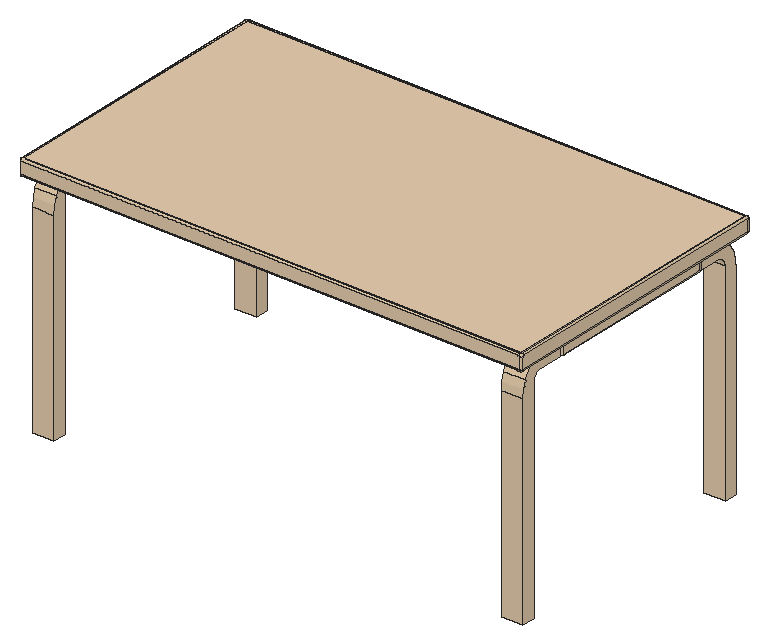
Revit family "Artek_Tables_Aalto Table rectangular_Aalto Table rectangular 82A", category Furniture, Revit 2017
Family settings
  OmniClass Number = 23.40.20.14.17.11
  OmniClass Title = Dining Room Tables
  Work Plane-Based = No
  Always vertical = Yes
  Cut with Voids When Loaded = No
  Shared = No
  Room Calculation Point = No
Parameters (values of type "Aalto Table rectangular 82A Birch")
  WarrantyStartDate [instance] = "n/a"
  WarrantyGuarantorParts = "n/a"
  WarrantyGuarantorLabor = "n/a"
  WarrantyDurationUnit = "n/a"
  WarrantyDurationParts = "n/a"
  WarrantyDurationLabor = "n/a"
  WarrantyDescription = "n/a"
  VersionDate = "03/11/2020"  # constant formula
  Version = "1"  # constant formula
  Uniclass2015Reference = "Pr_40_50_21_22"
  Uniclass2015Description = "Dining tables"
  Uniclass2 = "Pr_40_50_21_21"
  URL = "https://www.artek.fi/en/products/aalto-table-rectangular"
  Type Comments = ""
  TagNumber [instance] = "n/a"
  TableSecondaryMaterial = Natural Birch
  TableMainMaterial = Natural Birch
  SustainabilityPerformance = "n/a"
  Style = "n/a"
  Size = "1500x740x850 mm "  # constant formula
  Shape = "Sculptured"
  SerialNumber [instance] = "n/a"
  Revision = "n/a"
  ReplacementCost = "n/a"
  ProductInformation = "n/a"
  NominalLength = 1500 mm
  NominalHeight = 740 mm
  NominalDepth = 850 mm
  Name = "Aalto Table rectangular 82B\r\n"  # constant formula
  NBSReference = "45-35-86/327"
  NBSDescription = "Tables"
  ModelReference = "n/a"
  ModelNumber = "28300581"
  Material = "Wood"
  ManufacturerURL = "https://www.artek.fi/"
  ManufacturerName = "Artek"
  Model = "Aalto Table rectangular 82A Birch"
  Manufacturer = "Artek"
  MainColor = "Natural birch"
  InstallationDate [instance] = "n/a"
  IfcExportType = "TABLE"  # constant formula
  IfcExportAs = "IfcFurnishingElementType"  # constant formula
  Grade = "n/a"
  Finish = "n/a"
  Features = "n/a"
  ExpectedLife = "n/a"
  DurationUnit = "n/a"
  Designer = "Alvar Aalto"
  Cost = 0
  ConvergoRefNr = "0190-2009-0012-FI\t\t\r\n"  # constant formula
  Constituents = "n/a"
  Color = MainColor  # "Natural birch"
  CodePerformance = "n/a"
  Barcode [instance] = "n/a"
  AssetIdentifier [instance] = "n/a"
  Category = "Tables"
  Brand = "Artek"
  BIMObjectName = "Artek_Tables_Aalto Table rectangular_Aalto Table rectangular 82A\r\n"  # constant formula
  Author = "Convergo AB"  # constant formula
  AssetType = "Movable"
  AccessibilityPerformance = "n/a"
Types (6, lengths in mm): name | TableSecondaryMaterial | TableMainMaterial | ModelNumber | Model | MainColor | Color
  (no name) | Natural Birch | Natural Birch | "28300581" | "Aalto Table rectangular 82A Birch" | "Natural birch" | "Natural birch"
  Aalto Table rectangular 82A Birch | Natural Birch | Natural Birch | "28300581" | "Aalto Table rectangular 82A Birch" | "Natural birch" | "Natural birch"
  Aalto Table rectangular 82A White laminate | Natural Birch | White Laminate | "28300582" | "Aalto Table rectangular 82A White laminate" | "Natural birch" | "Natural birch"
  Aalto Table rectangular 82A Black linoleum | Natural Birch | Black Linoleum | "28300583" | "Aalto Table rectangular 82A Black linoleum" | "Natural birch" | "Natural birch"
  Aalto Table rectangular 82A Linoleum black leg black | Black Linoleum | Black Linoleum | "28300584" | "Aalto Table rectangular 82A Linoleum black leg black" | "Black" | "Black"
  Aalto Table rectangular 82A White HPL leg white | White Laminate | White Laminate | "28300585" | "Aalto Table rectangular 82A White HPL leg white" | "White" | "White"
Reference planes
  plane 1 "Center (Front/Back)": y = 0
  plane 2: z = 0
  plane 3 "Center (Left/Right)": x = 0
  plane 4: x = -750
  plane 5: x = 750
  plane 6: y = -425
  plane 7: y = 425
  plane 8: z = 740
Dimensions and locks
  equal spacing: plane 4, plane 3 "Center (Left/Right)", plane 5
  "NominalLength": plane 4 to plane 5
  equal spacing: plane 7, plane 1 "Center (Front/Back)", plane 6
  "NominalDepth": plane 7 to plane 6
  "NominalHeight": plane 8 to level
  aligned and locked: level to plane 2
Nested families
  nested 1: "82A" at (0, 0, 0), Material 1 <- "TableMainMaterial", Material 2 <- "TableSecondaryMaterial", type "82A"
    with Material 2 Natural Birch, Material 1 Natural Birch
Definition of nested family "82A"
  Parameters (values of type "82A")
    Material 2 [instance] = none
    Material 1 [instance] = none
  Reference planes
    plane 1 "Center (Front/Back)": y = 0
    plane 2: z = 0
    plane 3 "Center (Left/Right)": x = 0
    plane 4: x = -750
    plane 5: x = 750
    plane 6: z = 740
    plane 7: z = 693
    plane 8: y = 425
    plane 9: y = -425
  Forms (mm)
    Extrusion 1, solid, material <- "Material 2", detail levels medium+fine
      sketch origin (0, 0, 0) x (1, 0, 0) y (0, 1, 0)
        loop
          arc (-744, 425) -> (-748.243, 423.243) -> (-750, 419) r 6
          line (-750, 419) -> (-750, -419)
          arc (-750, -419) -> (-748.243, -423.243) -> (-744, -425) r 6
          line (-744, -425) -> (744, -425)
          arc (744, -425) -> (748.243, -423.243) -> (750, -419) r 6
          line (750, -419) -> (750, 419)
          arc (750, 419) -> (748.243, 423.243) -> (744, 425) r 6
          line (744, 425) -> (-744, 425)
        loop
          line (-744, 419) -> (-744, -419) -> (744, -419) -> (744, 419) -> (-744, 419)
      from 693 to 740
    Extrusion 2, solid, material <- "Material 1", detail levels coarse
      sketch origin (0, 0, 0) x (1, 0, 0) y (0, 1, 0)
        loop
          line (-750, 425) -> (-750, -425) -> (750, -425) -> (750, 425) -> (-750, 425)
      from 0 to 740
    Sweep 3, void
      path in 3D
        loop
          arc (-744, 425, 740) -> (-748.243, 423.243, 740) -> (-750, 419, 740) r 6
          line (-750, 419, 740) -> (-750, -419, 740)
          arc (-750, -419, 740) -> (-748.243, -423.243, 740) -> (-744, -425, 740) r 6
          line (-744, -425, 740) -> (744, -425, 740)
          arc (744, -425, 740) -> (748.243, -423.243, 740) -> (750, -419, 740) r 6
          line (750, -419, 740) -> (750, 419, 740)
          arc (750, 419, 740) -> (748.243, 423.243, 740) -> (744, 425, 740) r 6
          line (744, 425, 740) -> (-744, 425, 740)
      profile origin (0, 425, 740) x (0, -1, 0) y (0, 0, 1)
        loop
          line (0, 0) -> (0, -5)
          arc (0, -5) -> (1.464, -1.464) -> (5, 0) r 5
          line (5, 0) -> (0, 0)
        loop
          line (0, -47) -> (5, -47)
          arc (5, -47) -> (1.464, -45.536) -> (0, -42) r 5
          line (0, -42) -> (0, -47)
    Extrusion 4, solid, material <- "Material 2", detail levels medium+fine
      sketch origin (-694.5, 67, 0) x (0, 1, 0) y (0, 0, 1)
        loop
          line (183.1, 693) -> (183.1, 658) -> (261, 658)
          arc (261, 658) -> (282.213, 649.213) -> (291, 628) r 30
          line (291, 628) -> (291, 0) -> (330, 0) -> (330, 603.2)
          arc (330, 603.2) -> (327.859, 627.672) -> (321.5, 651.4) r 140.911
          arc (321.5, 651.4) -> (301.996, 679.039) -> (271.183, 693) r 64.479
          line (271.183, 693) -> (183.1, 693)
      from -37.5 to 26.5
    Extrusion 5, solid, material <- "Material 2", detail levels medium+fine
      sketch origin (0, 0, 0) x (1, 0, 0) y (0, 1, 0)
        loop
          line (708, -259) -> (734.5, -259)
          arc (734.5, -259) -> (738.389, -257.389) -> (740, -253.5) r 5.5
          line (740, -253.5) -> (740, 253.5)
          arc (740, 253.5) -> (738.389, 257.389) -> (734.5, 259) r 5.5
          line (734.5, 259) -> (708, 259) -> (708, -259)
        loop
          line (-708, -259) -> (-708, 259) -> (-734.5, 259)
          arc (-734.5, 259) -> (-738.389, 257.389) -> (-740, 253.5) r 5.5
          line (-740, 253.5) -> (-740, -253.5)
          arc (-740, -253.5) -> (-738.389, -257.389) -> (-734.5, -259) r 5.5
          line (-734.5, -259) -> (-708, -259)
      from 661 to 693
    Sweep 6, void
      path in 3D
        loop
          line (708, 259, 661) -> (734.5, 259, 661)
          arc (734.5, 259, 661) -> (738.389, 257.389, 661) -> (740, 253.5, 661) r 5.5
          line (740, 253.5, 661) -> (740, -253.5, 661)
          arc (740, -253.5, 661) -> (738.389, -257.389, 661) -> (734.5, -259, 661) r 5.5
          line (734.5, -259, 661) -> (708, -259, 661)
      profile origin (740, 0, 661) x (-1, 0, 0) y (0, 0, -1)
        loop
          line (0, 0) -> (0, -2)
          arc (0, -2) -> (0.586, -0.586) -> (2, 0) r 2
          line (2, 0) -> (0, 0)
    Sweep 7, void
      path in 3D
        loop
          line (-708, -259, 661) -> (-734.5, -259, 661)
          arc (-734.5, -259, 661) -> (-738.389, -257.389, 661) -> (-740, -253.5, 661) r 5.5
          line (-740, -253.5, 661) -> (-740, 253.5, 661)
          arc (-740, 253.5, 661) -> (-738.389, 257.389, 661) -> (-734.5, 259, 661) r 5.5
          line (-734.5, 259, 661) -> (-708, 259, 661)
      profile origin (-740, 0, 661) x (1, 0, 0) y (0, 0, -1)
        loop
          line (0, 0) -> (0, -2)
          arc (0, -2) -> (0.586, -0.586) -> (2, 0) r 2
          line (2, 0) -> (0, 0)
    Extrusion 8, solid, material <- "Material 2", detail levels medium+fine
      sketch origin (0, 0, 0) x (1, 0, 0) y (0, 1, 0)
        loop
          line (-744, -419) -> (744, -419) -> (744, 419) -> (-744, 419) -> (-744, -419)
      from 693 to 740
    Extrusion 9, solid, material <- "Material 2", detail levels medium+fine
      sketch origin (-694.5, -67, 0) x (0, -1, 0) y (0, 0, -1)
        loop
          line (183.1, -693) -> (271.183, -693)
          arc (271.183, -693) -> (301.996, -679.039) -> (321.5, -651.4) r 64.479
          arc (321.5, -651.4) -> (327.859, -627.672) -> (330, -603.2) r 140.911
          line (330, -603.2) -> (330, 0) -> (291, 0) -> (291, -628)
          arc (291, -628) -> (282.213, -649.213) -> (261, -658) r 30
          line (261, -658) -> (183.1, -658) -> (183.1, -693)
      from -37.5 to 26.5
    Extrusion 10, solid, material <- "Material 2", detail levels medium+fine
      sketch origin (694.5, 67, 0) x (0, 1, 0) y (0, 0, -1)
        loop
          line (183.1, -693) -> (271.183, -693)
          arc (271.183, -693) -> (301.996, -679.039) -> (321.5, -651.4) r 64.479
          arc (321.5, -651.4) -> (327.859, -627.672) -> (330, -603.2) r 140.911
          line (330, -603.2) -> (330, 0) -> (291, 0) -> (291, -628)
          arc (291, -628) -> (282.213, -649.213) -> (261, -658) r 30
          line (261, -658) -> (183.1, -658) -> (183.1, -693)
      from -37.5 to 26.5
    Extrusion 11, solid, material <- "Material 2", detail levels medium+fine
      sketch origin (694.5, -67, 0) x (0, -1, 0) y (0, 0, 1)
        loop
          line (183.1, 693) -> (183.1, 658) -> (261, 658)
          arc (261, 658) -> (282.213, 649.213) -> (291, 628) r 30
          line (291, 628) -> (291, 0) -> (330, 0) -> (330, 603.2)
          arc (330, 603.2) -> (327.859, 627.672) -> (321.5, 651.4) r 140.911
          arc (321.5, 651.4) -> (301.996, 679.039) -> (271.183, 693) r 64.479
          line (271.183, 693) -> (183.1, 693)
      from -37.5 to 26.5
  Cuts and joins
    Sweep 6, Sweep 7 cuts Extrusion 5
    Sweep 3 cuts Extrusion 1
  Lines and regions (mm)
    symbolic lines, detail levels medium+fine
      curve 1: line (0, 425, 0) -> (-745, 425, 0)
      curve 2: line (-750, 420, 0) -> (-750, -420, 0)
      curve 3: line (-745, -425, 0) -> (0, -425, 0)
      curve 4: arc (-745, 425, 0) -> (-748.536, 423.536, 0) -> (-750, 420, 0) r 5
      curve 5: arc (-750, -420, 0) -> (-748.536, -423.536, 0) -> (-745, -425, 0) r 5
      curve 6: line (0, 425, 0) -> (745, 425, 0)
      curve 7: line (750, 420, 0) -> (750, -420, 0)
      curve 8: line (745, -425, 0) -> (0, -425, 0)
      curve 9: arc (745, 425, 0) -> (748.536, 423.536, 0) -> (750, 420, 0) r 5
      curve 10: arc (750, -420, 0) -> (748.536, -423.536, 0) -> (745, -425, 0) r 5
      curve 11: line (0, 0, 740) -> (-745, 0, 740)
      curve 12: line (-750, 0, 735) -> (-750, 0, 698)
      curve 13: line (-745, 0, 693) -> (-740, 0, 693)
      curve 14: line (-668, 0, 693) -> (-668, 0, 0)
      curve 15: line (-668, 0, 0) -> (-732, 0, 0)
      curve 16: line (-732, 0, 0) -> (-732, 0, 661)
      curve 17: line (-732, 0, 661) -> (-738, 0, 661)
      curve 21: line (-668, 0, 693) -> (0, 0, 693)
      curve 22: line (0, -420, 740) -> (0, 420, 740)
      curve 23: line (0, 425, 735) -> (0, 425, 698)
      curve 24: line (0, 420, 693) -> (0, 338.183, 693)
      curve 33: arc (0, 420, 740) -> (0, 423.536, 738.536) -> (0, 425, 735) r 5
      curve 34: arc (0, 425, 698) -> (0, 423.536, 694.464) -> (0, 420, 693) r 5
      curve 35: arc (-745, 0, 740) -> (-748.536, 0, 738.536) -> (-750, 0, 735) r 5
      curve 36: arc (-750, 0, 698) -> (-748.536, 0, 694.464) -> (-745, 0, 693) r 5
      curve 37: line (0, 397, 603.2) -> (0, 397, 0)
      curve 38: line (0, 397, 0) -> (0, 358, 0)
      curve 39: line (0, 358, 0) -> (0, 358, 628)
      curve 40: line (0, 328, 658) -> (0, 250.1, 658)
      curve 41: line (0, 250.1, 658) -> (0, 250.1, 661)
      curve 45: line (0, -250.1, 661) -> (0, 250.1, 661)
      curve 46: line (-740, 0, 663) -> (-740, 0, 693)
      curve 47: arc (-738, 0, 661) -> (-739.414, 0, 661.586) -> (-740, 0, 663) r 2
      curve 54: line (0, 0, 740) -> (745, 0, 740)
      curve 55: line (668, 0, 693) -> (0, 0, 693)
      curve 61: line (750, 0, 735) -> (750, 0, 698)
      curve 62: line (745, 0, 693) -> (740, 0, 693)
      curve 63: line (668, 0, 693) -> (668, 0, 0)
      curve 64: line (668, 0, 0) -> (732, 0, 0)
      curve 65: line (732, 0, 0) -> (732, 0, 661)
      curve 66: line (732, 0, 661) -> (738, 0, 661)
      curve 70: arc (745, 0, 740) -> (748.536, 0, 738.536) -> (750, 0, 735) r 5
      curve 71: arc (750, 0, 698) -> (748.536, 0, 694.464) -> (745, 0, 693) r 5
      curve 72: line (740, 0, 663) -> (740, 0, 693)
      curve 73: arc (738, 0, 661) -> (739.414, 0, 661.586) -> (740, 0, 663) r 2
      curve 74: arc (0, 388.5, 651.4) -> (0, 394.859, 627.672) -> (0, 397, 603.2) r 140.911
      curve 75: arc (0, 338.183, 693) -> (0, 368.996, 679.039) -> (0, 388.5, 651.4) r 64.479
      curve 76: arc (0, 358, 628) -> (0, 349.213, 649.213) -> (0, 328, 658) r 30
      curve 77: line (0, -425, 735) -> (0, -425, 698)
      curve 78: line (0, -420, 693) -> (0, -338.183, 693)
      curve 79: arc (0, -420, 740) -> (0, -423.536, 738.536) -> (0, -425, 735) r 5
      curve 80: arc (0, -425, 698) -> (0, -423.536, 694.464) -> (0, -420, 693) r 5
      curve 81: line (0, -397, 603.2) -> (0, -397, 0)
      curve 82: line (0, -397, 0) -> (0, -358, 0)
      curve 83: line (0, -358, 0) -> (0, -358, 628)
      curve 84: line (0, -328, 658) -> (0, -250.1, 658)
      curve 85: line (0, -250.1, 658) -> (0, -250.1, 661)
      curve 89: arc (0, -388.5, 651.4) -> (0, -394.859, 627.672) -> (0, -397, 603.2) r 140.911
      curve 90: arc (0, -338.183, 693) -> (0, -368.996, 679.039) -> (0, -388.5, 651.4) r 64.479
      curve 91: arc (0, -358, 628) -> (0, -349.213, 649.213) -> (0, -328, 658) r 30
    symbolic lines, detail levels fine
      curve 18: line (-732, 0, 661) -> (-732, 0, 693)
      curve 19: line (-740, 0, 693) -> (-732, 0, 693)
      curve 20: line (-732, 0, 693) -> (-668, 0, 693)
      curve 42: line (0, -338.183, 693) -> (0, 338.183, 693)
      curve 43: line (0, 259, 663) -> (0, 259, 693)
      curve 44: line (0, 250.1, 661) -> (0, 257, 661)
      curve 53: arc (0, 259, 663) -> (0, 258.414, 661.586) -> (0, 257, 661) r 2
      curve 67: line (732, 0, 661) -> (732, 0, 693)
      curve 68: line (740, 0, 693) -> (732, 0, 693)
      curve 69: line (732, 0, 693) -> (668, 0, 693)
      curve 86: line (0, -259, 663) -> (0, -259, 693)
      curve 87: line (0, -250.1, 661) -> (0, -257, 661)
      curve 88: arc (0, -259, 663) -> (0, -258.414, 661.586) -> (0, -257, 661) r 2
    sketch lines
      curve 25: line (744, 425, 740) -> (-744, 425, 740)
      curve 26: arc (-750, 419, 740) -> (-748.243, 423.243, 740) -> (-744, 425, 740) r 6
      curve 27: line (-750, 419, 740) -> (-750, -419, 740)
      curve 28: arc (-744, -425, 740) -> (-748.243, -423.243, 740) -> (-750, -419, 740) r 6
      curve 29: line (-744, -425, 740) -> (744, -425, 740)
      curve 30: arc (744, 425, 740) -> (748.243, 423.243, 740) -> (750, 419, 740) r 6
      curve 31: line (750, -419, 740) -> (750, 419, 740)
      curve 32: arc (750, -419, 740) -> (748.243, -423.243, 740) -> (744, -425, 740) r 6
      curve 48: line (740, 253.5, 661) -> (740, -253.5, 661)
      curve 49: arc (740, 253.5, 661) -> (738.389, 257.389, 661) -> (734.5, 259, 661) r 5.5
      curve 50: line (708, 259, 661) -> (734.5, 259, 661)
      curve 51: arc (734.5, -259, 661) -> (738.389, -257.389, 661) -> (740, -253.5, 661) r 5.5
      curve 52: line (734.5, -259, 661) -> (708, -259, 661)
      curve 56: line (-740, -253.5, 661) -> (-740, 253.5, 661)
      curve 57: arc (-734.5, 259, 661) -> (-738.389, 257.389, 661) -> (-740, 253.5, 661) r 5.5
      curve 58: line (-734.5, 259, 661) -> (-708, 259, 661)
      curve 59: arc (-740, -253.5, 661) -> (-738.389, -257.389, 661) -> (-734.5, -259, 661) r 5.5
      curve 60: line (-708, -259, 661) -> (-734.5, -259, 661)
  Dimensions and locks
    plane 6 to level = 740 mm
    aligned and locked: level to plane 2
